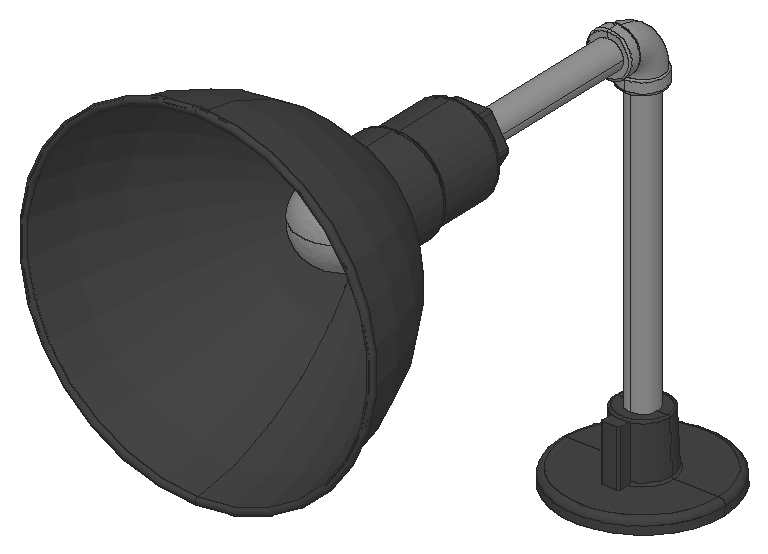
Revit family "BLE-G-DBW-G35-E26", category Lighting Fixtures, host Face, Revit 2022 (continued)
Definition of nested family "103264"
  Forms (in)
    Revolve 2, solid, visible <- "Heat Sink 9""
      sketch origin (0, 0, 0) x (1, 0, 0) y (0, 0, 1)
        loop
          arc (-4.45232, 0.20019) -> (-4.48531, 0.18703) -> (-4.50018, 0.15477) r 0.04793
          line (-4.50018, 0.15477) -> (-4.50191, 0.12184) -> (-4.39187, 0.01181)
          arc (-4.39187, 0.01181) -> (-4.3788, 0.00307) -> (-4.36337, 0) r 0.04031
          line (-4.36337, 0) -> (0, 0)
        axis (0, 1.25004) -> (0, 0)
      angle from 0 to 360
  Dimensions and locks (in)
    aligned and locked: plane 2 to Extrusion 1
    aligned and locked: level to Extrusion 1
    aligned and locked: Revolve 2 sketch curve to plane 3 "Center (Left/Right)"
  Automatic sketch dimensions
    Extrusion 1 sketch curve to Extrusion 1 sketch curve = 8' - 0"  (x2)
    Revolve 2 sketch curve to level = 0' - 0"
    Revolve 2 sketch curve to plane 3 "Center (Left/Right)" = 0' - 0"
    level to Revolve 2 sketch curve = 0' - 0.62434"
    Revolve 2 sketch curve to plane 3 "Center (Left/Right)" = 0' - 1.30334"
    Revolve 2 sketch curve to Revolve 2 sketch curve = 0' - 0.03012"
    Revolve 2 sketch curve to Revolve 2 sketch curve = 0' - 0.29046"
    Revolve 2 sketch curve to Revolve 2 sketch curve = 0' - 0.18826"
    level to Revolve 2 sketch curve = 0' - 0.20019"
    Revolve 2 sketch curve to Revolve 2 sketch curve = 0' - 0.74777"
    Revolve 2 sketch curve to Revolve 2 sketch curve = 0' - 1.80342"
    level to Revolve 2 sketch curve = 0' - 0.01181"
    Revolve 2 sketch curve to Revolve 2 sketch curve = 0' - 0.0285"
    Revolve 2 sketch curve to Revolve 2 sketch curve = 0' - 0.08895"
    level to Revolve 2 sketch curve = 0' - 0.15477"
    Revolve 2 sketch curve to Revolve 2 sketch curve = 0' - 0.04786"
    Revolve 2 sketch curve to Revolve 2 sketch curve = 0' - 0.24686"
    Revolve 2 sketch curve to Revolve 2 sketch curve = 0' - 0.3495"
    Revolve 2 sketch curve to Revolve 2 sketch curve = 0' - 0.27481"
    Revolve 2 sketch curve to level = 0' - 1.22145"
    Revolve 2 sketch curve to Revolve 2 sketch curve = 0' - 1.65421"
Types (6): name | 20" | 16" | 14" | 12" | 10"
  (no name) | no | no | no | no | yes
  12" | no | no | no | yes | no
  14" | no | no | yes | no | no
  16" | no | yes | no | no | no
  10" | no | no | no | no | yes
  20" | yes | no | no | no | no
